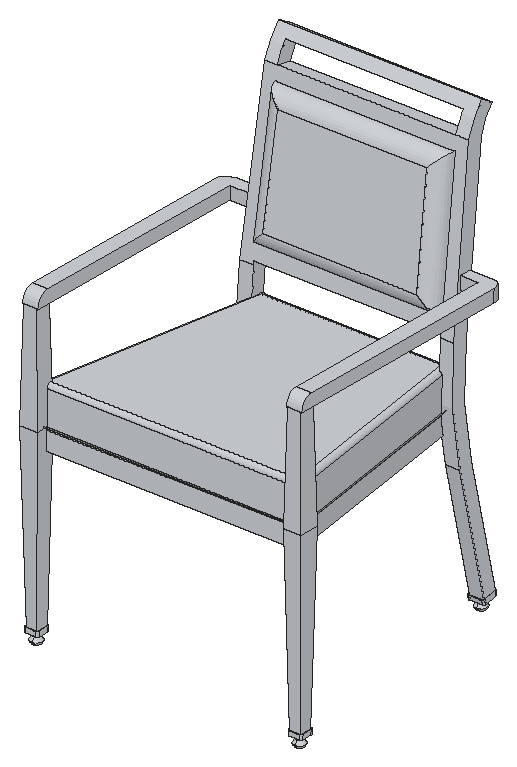
Revit family "Falcon-Metal-Tufgrain_9202-1", category Furniture, Revit 2017
Family settings
  OmniClass Number = 23.40.20.00
  Work Plane-Based = No
  Always vertical = Yes
  Cut with Voids When Loaded = No
  Shared = No
  Room Calculation Point = No
Parameters (values of type "9202-1")
  Width = 23.01254"
  URL = "URL"
  Seat Material [instance] = none
  Product Documentation Link = "URL"
  Model = "9202-1 Arm Chair"
  Manufacturer = "Manuf"
  Inside Backrest Material [instance] = none
  Height = 37.15107"
  Frame Material [instance] = none
  Description = "Tufgrain Arm Chair"
  Depth = 23.48213"
  Copyright © = "Inc"
  Outside Backrest Material [instance] = none
  Assembly Code = "E2020200"
Reference planes
  plane 1 "Center (Front/Back)": y = 0
  plane 2: z = 0
  plane 3 "Center (Left/Right)": x = 0
  plane 4 "Left": x = -292.259
  plane 5 "Right": x = 292.259
  plane 6: through (0, 267.832, 837.489) normal (0, 0.1736, 0.9848)
  plane 7: through (0, -237.364, 403.699) normal (0, -0.0357, -0.9994)
  plane 8: through (0, 144.761, 650.64) normal (0, 0.1534, -0.9882)
  plane 9: y = 298.223
  plane 10: y = -298.223
  plane 11: through (0, 227.857, 646.17) normal (0, 0.0294, 0.9996)
  plane 12: through (-213.475, -1524, 883.411) normal (0.9996, 0, -0.0281)
  plane 13: through (0, 269.56, 869.531) normal (0, -0.9892, 0.1466)
  plane 14: z = 943.637
Forms (mm)
  Revolve 1, solid
    sketch origin (-274.958, -11.747, 0) x (0, 1, 0) y (0, 0, -1)
      loop
        line (-267.038, -21.044) -> (-262.973, -21.044) -> (-261.427, -12.44) -> (-254.896, -3.773) -> (-257.538, 0) -> (-267.038, 0) -> (-267.038, -21.044)
      axis (-267.038, 0) -> (-267.038, -21.044)
    angle from 0 to 360
  Extrusion 2, void
    sketch origin (0, 0, 0) x (1, 0, 0) y (0, 1, 0)
      loop
        line (-214.022, 233.144) -> (-214.022, 325.219) -> (-341.022, 325.219) -> (-341.022, -335.181) -> (-292.259, -335.181) -> (-292.259, 207.744)
        arc (-292.259, 207.744) -> (-284.82, 225.704) -> (-266.859, 233.144) r 25.4
        line (-266.859, 233.144) -> (-214.022, 233.144)
      loop
        line (-259.76, 207.007) -> (-259.76, -335.181) -> (-196.767, -335.181) -> (-196.767, 207.007) -> (-259.76, 207.007)
      loop
        line (214.022, 233.144) -> (266.859, 233.144)
        arc (266.859, 233.144) -> (284.82, 225.704) -> (292.259, 207.744) r 25.4
        line (292.259, 207.744) -> (292.259, -335.181) -> (341.022, -335.181) -> (341.022, 325.219) -> (214.022, 325.219) -> (214.022, 233.144)
      loop
        line (259.76, 207.007) -> (196.767, 207.007) -> (196.767, -335.181) -> (259.76, -335.181) -> (259.76, 207.007)
    from 602.332 to 680.072
  Extrusion 3, solid, material <- "Frame Material"
    sketch origin (0, 0, 0) x (0, 1, 0) y (0, 0, 1)
      loop
        line (241.295, 645.775) -> (-268.011, 660.759)
        spline (-268.011, 660.759) -> (-271.253, 660.621) -> (-274.454, 660.019) -> (-277.558, 658.964) -> (-280.513, 657.474) -> (-283.268, 655.574) -> (-285.775, 653.296) -> (-287.991, 650.68) -> (-289.88, 647.771) -> (-291.408, 644.617) -> (-292.55, 641.274) -> (-293.285, 637.798) -> (-293.602, 634.249)
        line (-293.602, 634.249) -> (240.494, 618.535) -> (241.295, 645.775)
    from -325.585 to -214.022
  Extrusion 4, solid, material <- "Frame Material"
    sketch origin (0, 0, 0) x (0, 1, 0) y (0, 0, -1)
      loop
        line (241.295, -645.775) -> (240.494, -618.535) -> (-293.602, -634.249)
        spline (-293.602, -634.249) -> (-293.285, -637.798) -> (-292.55, -641.274) -> (-291.408, -644.617) -> (-289.88, -647.771) -> (-287.991, -650.68) -> (-285.775, -653.296) -> (-283.268, -655.574) -> (-280.513, -657.474) -> (-277.558, -658.964) -> (-274.454, -660.019) -> (-271.253, -660.621) -> (-268.011, -660.759)
        line (-268.011, -660.759) -> (241.295, -645.775)
    from -325.585 to -214.022
  Extrusion 5, solid, material <- "Frame Material"
    sketch origin (0, 0, 0) x (0, 1, 0) y (0, 0, 1)
      loop
        line (-258.223, 406.446) -> (-262.71, 633.34) -> (-293.718, 634.252) -> (-298.223, 406.446) -> (-290.723, 21.446) -> (-265.723, 21.446) -> (-258.223, 406.446)
    from -304.8 to 304.8
  Extrusion 6, void
    sketch origin (0, 0, 0) x (1, 0, 0) y (0, 0, 1)
      loop
        line (-293.717, 406.446) -> (-285.799, 0) -> (-264.834, 0) -> (-256.917, 406.446) -> (-261.776, 652.186) -> (-288.857, 652.186) -> (-293.717, 406.446)
      loop
        line (293.717, 406.446) -> (288.857, 652.186) -> (261.776, 652.186) -> (256.917, 406.446) -> (264.834, 0) -> (285.799, 0) -> (293.717, 406.446)
      loop
        line (-342.99, 698.893) -> (-342.99, -37.707) -> (342.81, -37.707) -> (342.81, 698.893) -> (-342.99, 698.893)
    from 245.836 to 304.8
  Extrusion 7, solid, material <- "Frame Material"
    sketch origin (0, 0, 0) x (0, 1, 0) y (0, 0, 1)
      loop
        arc (270.543, 876.164) -> (283.498, 903.468) -> (301.143, 928.004) r 167.669
        line (301.143, 928.004) -> (275.124, 943.637)
        arc (275.124, 943.637) -> (255.582, 915.049) -> (241.33, 883.49) r 197.641
        line (241.33, 883.49) -> (188.662, 528.163)
        arc (188.662, 528.163) -> (181.435, 408.972) -> (194.855, 290.319) r 690.372
        line (194.855, 290.319) -> (247.967, 27.242) -> (277.347, 33.168) -> (224.234, 296.25)
        arc (224.234, 296.25) -> (211.397, 409.752) -> (218.311, 523.768) r 660.4
        line (218.311, 523.768) -> (270.543, 876.164)
    from -330.2 to 330.2
  Extrusion 8, void
    sketch origin (0, 0, 0) x (1, 0, 0) y (0, 0, 1)
      loop
        line (-210.522, 988.348) -> (-237.87, 16.647) -> (-209.45, 16.647) -> (-194.82, 536.456) -> (194.82, 536.456) -> (209.45, 16.647) -> (237.87, 16.647) -> (210.522, 988.348) -> (182.113, 988.348) -> (182.748, 965.776) -> (-182.748, 965.776) -> (-182.113, 988.348) -> (-210.522, 988.348)
      loop
        line (-381.804, 1010.695) -> (-381.804, -56.105) -> (380.196, -56.105) -> (380.196, 1010.695) -> (-381.804, 1010.695)
    from -323.555 to -156.059
  Extrusion 9, solid, material <- "Frame Material"
    sketch origin (0, -237.364, 403.699) x (0, -0.999363, 0.035681) y (-1, 0, 0)
      loop
        line (-445.639, 196.767) -> (-445.639, -196.767) -> (38.399, -272.886) -> (38.399, 272.886) -> (-445.639, 196.767)
      loop
        line (18.399, 249.495) -> (-210.26, 213.537) -> (-210.26, -213.537) -> (18.399, -249.495) -> (18.399, 249.495)
      loop
        line (-231.193, 210.245) -> (-425.639, 179.666) -> (-425.639, -179.666) -> (-231.193, -210.245) -> (-231.193, 210.245)
    from 2.701 to 42.701
  Extrusion 10, solid, material <- "Seat Material"
    sketch origin (0, -237.364, 403.699) x (0, -0.999363, 0.035681) y (-1, 0, 0)
      loop
        line (28.478, -261.499) -> (28.478, 261.499) -> (-436.711, 188.491) -> (-436.711, -188.491) -> (28.478, -261.499)
    from 2.701 to -82.25
  Sweep 11, solid, material <- "Seat Material"
    path in 3D
      loop
        line (261.499, -262.89, 486.913) -> (188.491, 202.004, 470.314) -> (-188.491, 202.004, 470.314) -> (-261.499, -262.89, 486.913) -> (261.499, -262.89, 486.913)
    profile origin (0, -262.89, 486.913) x (0, 0.999363, -0.035681) y (0, 0.035681, 0.999363)
      loop
        arc (0, 0) -> (-7.048, -2.919) -> (-9.968, -9.968) r 9.968
        line (-9.968, -9.968) -> (-9.968, -80)
        arc (-9.968, -80) -> (-8.508, -83.524) -> (-4.984, -84.984) r 4.984
        line (-4.984, -84.984) -> (0, -84.984) -> (0, 0)
  Extrusion 12, solid, material <- "Inside Backrest Material"
    sketch origin (0, 269.56, 869.531) x (0, 0.14662, 0.989193) y (-1, 0, 0)
      loop
        line (-274.502, -161.061) -> (-51.759, -155.491) -> (-51.759, 155.491) -> (-274.502, 161.061) -> (-274.502, -161.061)
    from 29.972 to 60.46
  Sweep 13, solid, material <- "Inside Backrest Material"
    path in 3D
      loop
        line (-155.491, 202.165, 827.196) -> (-161.061, 169.506, 606.861) -> (161.061, 169.506, 606.861) -> (155.491, 202.165, 827.196) -> (-155.491, 202.165, 827.196)
    profile origin (0, 202.165, 827.196) x (0, -0.14662, -0.989193) y (0, -0.989193, 0.14662)
      loop
        arc (0, 0) -> (-22.148, -8.835) -> (-32.133, -30.488) r 32.178
        line (-32.133, -30.488) -> (0, -30.488) -> (0, 0)
  Extrusion 14, solid
    sketch origin (0, -265.723, 21.446) x (-1, 0, 0) y (0, 1, 0)
      loop
        line (289.817, -23.444) -> (289.817, -1.537)
        arc (289.817, -1.537) -> (288.781, 0.964) -> (286.279, 2) r 3.537
        line (286.279, 2) -> (264.373, 2)
        arc (264.373, 2) -> (261.858, 0.958) -> (260.817, -1.556) r 3.556
        line (260.817, -1.556) -> (260.817, -23.444)
        arc (260.817, -23.444) -> (261.858, -25.958) -> (264.373, -27) r 3.556
        line (264.373, -27) -> (286.261, -27)
        arc (286.261, -27) -> (288.775, -25.958) -> (289.817, -23.444) r 3.556
      loop
        arc (-289.817, -23.444) -> (-288.775, -25.958) -> (-286.261, -27) r 3.556
        line (-286.261, -27) -> (-264.373, -27)
        arc (-264.373, -27) -> (-261.858, -25.958) -> (-260.817, -23.444) r 3.556
        line (-260.817, -23.444) -> (-260.817, -1.556)
        arc (-260.817, -1.556) -> (-261.858, 0.958) -> (-264.373, 2) r 3.556
        line (-264.373, 2) -> (-286.279, 2)
        arc (-286.279, 2) -> (-288.781, 0.964) -> (-289.817, -1.537) r 3.537
        line (-289.817, -1.537) -> (-289.817, -23.444)
    from 1.999 to -8.005
  Extrusion 15, solid
    sketch origin (0, 275.798, 32.856) x (0, -0.980254, -0.197744) y (-1, 0, 0)
      loop
        arc (-0.045, 239.658) -> (-2.554, 238.603) -> (-3.582, 236.083) r 3.556
        line (-3.582, 236.083) -> (-3.431, 208.942)
        arc (-3.431, 208.942) -> (-2.375, 206.434) -> (0.145, 205.406) r 3.556
        line (0.145, 205.406) -> (27.033, 205.556)
        arc (27.033, 205.556) -> (29.541, 206.611) -> (30.569, 209.131) r 3.556
        line (30.569, 209.131) -> (30.418, 236.272)
        arc (30.418, 236.272) -> (29.362, 238.78) -> (26.842, 239.808) r 3.556
        line (26.842, 239.808) -> (-0.045, 239.658)
      loop
        line (-0.045, -239.658) -> (26.842, -239.808)
        arc (26.842, -239.808) -> (29.362, -238.78) -> (30.418, -236.272) r 3.556
        line (30.418, -236.272) -> (30.569, -209.131)
        arc (30.569, -209.131) -> (29.541, -206.611) -> (27.033, -205.556) r 3.556
        line (27.033, -205.556) -> (0.145, -205.406)
        arc (0.145, -205.406) -> (-2.375, -206.434) -> (-3.431, -208.942) r 3.556
        line (-3.431, -208.942) -> (-3.582, -236.083)
        arc (-3.582, -236.083) -> (-2.554, -238.603) -> (-0.045, -239.658) r 3.556
    from 0 to 9.631
  Revolve 16, solid
    sketch origin (220.983, -3.731, 0) x (0, -1, 0) y (0, 0, -1)
      loop
        line (-267.038, -21.044) -> (-262.973, -21.044) -> (-261.427, -12.44) -> (-254.896, -3.773) -> (-257.538, 0) -> (-267.038, 0) -> (-267.038, -21.044)
      axis (-267.038, 0) -> (-267.038, -21.044)
    angle from 0 to 360
  Revolve 17, solid
    sketch origin (274.958, -11.747, 0) x (0, 1, 0) y (0, 0, 1)
      loop
        line (-267.038, 21.044) -> (-267.038, 0) -> (-257.538, 0) -> (-254.896, 3.773) -> (-261.427, 12.44) -> (-262.973, 21.044) -> (-267.038, 21.044)
      axis (-267.038, 0) -> (-267.038, 21.044)
    angle from 0 to 360
  Revolve 18, solid
    sketch origin (-220.983, -3.731, 0) x (0, -1, 0) y (0, 0, 1)
      loop
        line (-267.038, 21.044) -> (-267.038, 0) -> (-257.538, 0) -> (-254.896, 3.773) -> (-261.427, 12.44) -> (-262.973, 21.044) -> (-267.038, 21.044)
      axis (-267.038, 0) -> (-267.038, 21.044)
    angle from 0 to 360
  Revolve 19, solid
    sketch origin (220.983, -3.731, 0) x (0, -1, 0) y (0, 0, -1)
      loop
        line (-267.038, -21.044) -> (-262.973, -21.044) -> (-261.427, -12.44) -> (-254.896, -3.773) -> (-257.538, 0) -> (-267.038, 0) -> (-267.038, -21.044)
      axis (-267.038, 0) -> (-267.038, -21.044)
    angle from 0 to 360
  Revolve 20, solid
    sketch origin (274.958, -11.747, 0) x (0, 1, 0) y (0, 0, 1)
      loop
        line (-267.038, 21.044) -> (-267.038, 0) -> (-257.538, 0) -> (-254.896, 3.773) -> (-261.427, 12.44) -> (-262.973, 21.044) -> (-267.038, 21.044)
      axis (-267.038, 0) -> (-267.038, 21.044)
    angle from 0 to 360
  Extrusion 21, void
    sketch origin (0, 0, 0) x (0, 1, 0) y (0, 0, 1)
      loop
        line (235.076, 937.702) -> (235.076, 884.592) -> (293.357, 874.316) -> (293.357, 904.053) -> (235.076, 937.702)
    from -186.182 to 186.182
Cuts and joins
  Extrusion 2 cuts Extrusion 3
  Extrusion 2 cuts Extrusion 4
  Extrusion 6 cuts Extrusion 5
  Extrusion 8, Extrusion 21 cuts Extrusion 7
  joined: Extrusion 5, Extrusion 7, Extrusion 9
  joined: Extrusion 10, Sweep 11
  joined: Extrusion 12, Sweep 13
Lines and regions (mm)
  Masking region 1
    outline origin (0, 0, 0) x (1, 0, 0) y (0, 1, 0)
      loop
        line (-292.259, 207.744) -> (-292.259, -298.223) -> (-256.917, -298.223) -> (-256.917, -277.262) -> (256.917, -277.262) -> (256.917, -298.223) -> (292.259, -298.223) -> (292.259, 207.744)
        arc (292.259, 207.744) -> (284.82, 225.704) -> (266.859, 233.144) r 25.4
        line (266.859, 233.144) -> (235.506, 233.144) -> (237.318, 246.141)
        spline (237.318, 246.141) -> (237.671, 246.27) -> (238.008, 246.435) -> (238.325, 246.635) -> (238.619, 246.865) -> (238.886, 247.125) -> (239.124, 247.412) -> (239.33, 247.721) -> (239.501, 248.05) -> (239.636, 248.395) -> (239.732, 248.752) -> (239.79, 249.117) -> (239.808, 249.486)
        line (239.808, 249.486) -> (239.646, 278.019)
        spline (239.646, 278.019) -> (239.582, 278.447) -> (239.464, 278.865) -> (239.294, 279.265) -> (239.075, 279.641) -> (238.809, 279.988) -> (238.502, 280.3) -> (238.158, 280.572) -> (237.782, 280.8) -> (237.38, 280.981) -> (236.959, 281.111) -> (236.524, 281.189) -> (236.083, 281.214)
        line (236.083, 281.214) -> (210.439, 281.074)
        spline (210.439, 281.074) -> (210.137, 282.51) -> (209.839, 283.991) -> (209.543, 285.516) -> (209.251, 287.085) -> (208.962, 288.697) -> (208.676, 290.351) -> (208.394, 292.048) -> (208.115, 293.786) -> (207.84, 295.565) -> (207.568, 297.384) -> (207.301, 299.244) -> (207.037, 301.143)
        line (207.037, 301.143) -> (178.502, 301.143) -> (178.264, 297.809) -> (-178.264, 297.809) -> (-178.502, 301.143) -> (-207.037, 301.143)
        spline (-207.037, 301.143) -> (-207.301, 299.244) -> (-207.568, 297.384) -> (-207.84, 295.565) -> (-208.115, 293.786) -> (-208.394, 292.048) -> (-208.676, 290.351) -> (-208.962, 288.697) -> (-209.251, 287.085) -> (-209.543, 285.516) -> (-209.839, 283.991) -> (-210.137, 282.51) -> (-210.439, 281.074)
        line (-210.439, 281.074) -> (-236.083, 281.214)
        spline (-236.083, 281.214) -> (-236.524, 281.189) -> (-236.959, 281.111) -> (-237.38, 280.981) -> (-237.782, 280.8) -> (-238.158, 280.572) -> (-238.502, 280.3) -> (-238.809, 279.988) -> (-239.075, 279.641) -> (-239.294, 279.265) -> (-239.464, 278.865) -> (-239.582, 278.447) -> (-239.646, 278.019)
        line (-239.646, 278.019) -> (-239.808, 249.486)
        spline (-239.808, 249.486) -> (-239.79, 249.117) -> (-239.732, 248.752) -> (-239.636, 248.395) -> (-239.501, 248.05) -> (-239.33, 247.721) -> (-239.124, 247.412) -> (-238.886, 247.125) -> (-238.619, 246.865) -> (-238.325, 246.635) -> (-238.008, 246.435) -> (-237.671, 246.27) -> (-237.318, 246.141)
        line (-237.318, 246.141) -> (-235.506, 233.144) -> (-266.859, 233.144)
        arc (-266.859, 233.144) -> (-284.82, 225.704) -> (-292.259, 207.744) r 25.4
      loop
        line (-259.76, 207.007) -> (-259.76, -192.417) -> (-200.967, 181.201) -> (-226.323, 181.201)
        spline (-226.323, 181.201) -> (-226.767, 181.382) -> (-227.21, 181.923) -> (-227.654, 182.824) -> (-228.097, 184.085) -> (-228.538, 185.705) -> (-228.979, 187.683) -> (-229.418, 190.019) -> (-229.856, 192.711) -> (-230.291, 195.757) -> (-230.725, 199.157) -> (-231.157, 202.907) -> (-231.585, 207.007)
        line (-231.585, 207.007) -> (-259.76, 207.007)
      loop
        line (259.76, 207.007) -> (231.585, 207.007)
        spline (231.585, 207.007) -> (231.157, 202.907) -> (230.725, 199.157) -> (230.291, 195.757) -> (229.856, 192.711) -> (229.418, 190.019) -> (228.979, 187.683) -> (228.538, 185.705) -> (228.097, 184.085) -> (227.654, 182.824) -> (227.21, 181.923) -> (226.767, 181.382) -> (226.323, 181.201)
        line (226.323, 181.201) -> (200.967, 181.201) -> (259.76, -192.417) -> (259.76, 207.007)
  sketch lines
    curve 1: line (-261.499, -262.89, 486.913) -> (261.499, -262.89, 486.913)
    curve 2: line (261.499, -262.89, 486.913) -> (188.491, 202.004, 470.314)
    curve 3: line (188.491, 202.004, 470.314) -> (-188.491, 202.004, 470.314)
    curve 4: line (-188.491, 202.004, 470.314) -> (-261.499, -262.89, 486.913)
    curve 5: line (155.491, 202.165, 827.196) -> (-155.491, 202.165, 827.196)
    curve 6: line (-155.491, 202.165, 827.196) -> (-161.061, 169.506, 606.861)
    curve 7: line (-161.061, 169.506, 606.861) -> (161.061, 169.506, 606.861)
    curve 8: line (161.061, 169.506, 606.861) -> (155.491, 202.165, 827.196)
  symbolic lines, detail levels medium+fine
    curve 9: line (-230.168, 194.855, 0) -> (-237.572, 247.967, 0)
    curve 10: line (-214.527, 235.776, 0) -> (-223.474, 188.662, 0)
    curve 11: line (-186.874, 238.712, 0) -> (-194.054, 196.618, 0)
    curve 12: line (-194.054, 196.618, 0) -> (-161.061, 169.506, 0)
    curve 13: line (-186.874, 238.712, 0) -> (-184.75, 238.712, 0)
    curve 14: spline (-214.277, 267.393, 0) -> (-213.617, 269.186, 0) -> (-212.965, 271.174, 0) -> (-212.321, 273.355, 0) -> (-211.687, 275.726, 0) -> (-211.062, 278.284, 0) -> (-210.449, 281.026, 0) -> (-209.847, 283.949, 0) -> (-209.257, 287.049, 0) -> (-208.681, 290.323, 0) -> (-208.118, 293.766, 0) -> (-207.57, 297.374, 0) -> (-207.037, 301.143, 0)
    curve 15: line (-223.597, 218.311, 0) -> (-214.277, 267.393, 0)
    curve 16: spline (-205.189, 275.124, 0) -> (-205.878, 270.522, 0) -> (-206.586, 266.142, 0) -> (-207.314, 261.991, 0) -> (-208.059, 258.075, 0) -> (-208.821, 254.398, 0) -> (-209.598, 250.967, 0) -> (-210.39, 247.787, 0) -> (-211.195, 244.86, 0) -> (-212.013, 242.192, 0) -> (-212.841, 239.787, 0) -> (-213.68, 237.647, 0) -> (-214.527, 235.776, 0)
    curve 17: line (-207.037, 301.143, 0) -> (-205.189, 275.124, 0)
    curve 18: line (-205.189, 275.124, 0) -> (-176.644, 275.124, 0)
    curve 19: line (-176.644, 275.124, 0) -> (-178.264, 297.809, 0)
    curve 20: line (-176.747, 276.572, 0) -> (176.747, 276.572, 0)
    curve 21: line (178.708, 262.389, 0) -> (-178.708, 262.389, 0)
    curve 22: line (183.303, 242.828, 0) -> (-183.303, 242.828, 0)
    curve 23: spline (-184.75, 238.712, 0) -> (-184.017, 240.687, 0) -> (-183.291, 242.864, 0) -> (-182.575, 245.24, 0) -> (-181.868, 247.814, 0) -> (-181.171, 250.581, 0) -> (-180.485, 253.541, 0) -> (-179.812, 256.688, 0) -> (-179.15, 260.02, 0) -> (-178.502, 263.534, 0) -> (-177.868, 267.225, 0) -> (-177.248, 271.09, 0) -> (-176.644, 275.124, 0)
    curve 24: line (-292.259, -293.718, 0) -> (-259.76, -293.718, 0)
    curve 25: line (-259.76, -192.417, 0) -> (-259.76, -293.718, 0)
    curve 26: line (-256.917, -275.835, 0) -> (-256.917, -298.223, 0)
    curve 27: line (-293.717, -298.223, 0) -> (-256.917, -298.223, 0)
    curve 28: line (-259.76, -275.835, 0) -> (256.996, -275.835, 0)
    curve 29: line (230.168, 194.855, 0) -> (237.572, 247.967, 0)
    curve 30: line (214.527, 235.776, 0) -> (223.474, 188.662, 0)
    curve 31: line (186.874, 238.712, 0) -> (194.054, 196.618, 0)
    curve 32: line (194.054, 196.618, 0) -> (161.061, 169.506, 0)
    curve 33: line (186.874, 238.712, 0) -> (184.75, 238.712, 0)
    curve 34: spline (214.277, 267.393, 0) -> (213.617, 269.186, 0) -> (212.965, 271.174, 0) -> (212.321, 273.355, 0) -> (211.687, 275.726, 0) -> (211.062, 278.284, 0) -> (210.449, 281.026, 0) -> (209.847, 283.949, 0) -> (209.257, 287.049, 0) -> (208.681, 290.323, 0) -> (208.118, 293.766, 0) -> (207.57, 297.374, 0) -> (207.037, 301.143, 0)
    curve 35: line (223.597, 218.311, 0) -> (214.277, 267.393, 0)
    curve 36: spline (205.189, 275.124, 0) -> (205.878, 270.522, 0) -> (206.586, 266.142, 0) -> (207.314, 261.991, 0) -> (208.059, 258.075, 0) -> (208.821, 254.398, 0) -> (209.598, 250.967, 0) -> (210.39, 247.787, 0) -> (211.195, 244.86, 0) -> (212.013, 242.192, 0) -> (212.841, 239.787, 0) -> (213.68, 237.647, 0) -> (214.527, 235.776, 0)
    curve 37: line (207.037, 301.143, 0) -> (205.189, 275.124, 0)
    curve 38: line (205.189, 275.124, 0) -> (176.644, 275.124, 0)
    curve 39: line (176.644, 275.124, 0) -> (178.264, 297.809, 0)
    curve 40: spline (184.75, 238.712, 0) -> (184.017, 240.687, 0) -> (183.291, 242.864, 0) -> (182.575, 245.24, 0) -> (181.868, 247.814, 0) -> (181.171, 250.581, 0) -> (180.485, 253.541, 0) -> (179.812, 256.688, 0) -> (179.15, 260.02, 0) -> (178.502, 263.534, 0) -> (177.868, 267.225, 0) -> (177.248, 271.09, 0) -> (176.644, 275.124, 0)
    curve 41: line (-161.061, 169.506, 0) -> (161.061, 169.506, 0)
    curve 42: line (259.76, -192.417, 0) -> (259.76, -293.718, 0)
    curve 43: line (259.76, -293.718, 0) -> (292.259, -293.718, 0)
Dimensions and locks
  equal spacing: plane 4 "Left", plane 3 "Center (Left/Right)", plane 5 "Right"
  "Width": plane 4 "Left" to plane 5 "Right"
  equal spacing: plane 9, plane 1 "Center (Front/Back)", plane 10
  "Depth": plane 9 to plane 10
  "Height": plane 14 to plane 2
  aligned and locked: level to plane 2
  aligned and locked: plane 3 "Center (Left/Right)" to nested 1
  aligned and locked: plane 1 "Center (Front/Back)" to nested 1
Automatic sketch dimensions
  Revolve 1 sketch curve to level = 0.00"
  plane 10 to Revolve 1 sketch curve = 0.76528"
  Revolve 1 sketch curve to Revolve 1 sketch curve = 0.16001"
  level to Revolve 1 sketch curve = 0.48976"
  Revolve 1 sketch curve to Revolve 1 sketch curve = 0.06089"
  Revolve 1 sketch curve to Revolve 1 sketch curve = 0.37402"
  level to Revolve 1 sketch curve = 0.14854"
  Revolve 1 sketch curve to Revolve 1 sketch curve = 0.10401"
  Revolve 1 sketch curve to Revolve 1 sketch curve = 0.33872"
  Revolve 1 sketch curve to Revolve 1 sketch curve = 0.00"
  Revolve 1 sketch curve to Revolve 1 sketch curve = 0.10216"
  Revolve 1 sketch curve to Revolve 1 sketch curve = 0.45093"
  Extrusion 2 sketch curve to plane 4 "Left" = 0.00"
  Extrusion 2 sketch curve to plane 5 "Right" = 0.00"
  Extrusion 2 sketch curve to plane 4 "Left" = 1.9198"
  plane 4 "Left" to Extrusion 2 sketch curve = 1.00"
  Extrusion 2 sketch curve to Extrusion 2 sketch curve = 0.27952"  (x2)
  plane 9 to Extrusion 2 sketch curve = 1.06283"  (x2)
  plane 4 "Left" to Extrusion 2 sketch curve = 3.0802"
  Extrusion 2 sketch curve to Extrusion 2 sketch curve = 2.48003"
  Extrusion 2 sketch curve to plane 10 = 1.45504"  (x3)
  plane 5 "Right" to Extrusion 2 sketch curve = 3.75955"
  plane 5 "Right" to Extrusion 2 sketch curve = 3.0802"
  plane 5 "Right" to Extrusion 2 sketch curve = 1.27952"
  Extrusion 2 sketch curve to plane 5 "Right" = 1.9198"
  Extrusion 2 sketch curve to Extrusion 2 sketch curve = 0.00"
  Extrusion 2 sketch curve to plane 9 = 3.59116"  (x2)
  Extrusion 2 sketch curve to Extrusion 2 sketch curve = 0.02899"  (x2)
  Extrusion 3 sketch curve to plane 11 = 0.00"  (x2)
  plane 10 to Extrusion 3 sketch curve = 0.18193"
  Extrusion 3 sketch curve to plane 9 = 2.2728"
  level to Extrusion 3 sketch curve = 25.4242"
  Extrusion 3 sketch curve to Extrusion 3 sketch curve = 0.97598"
  Extrusion 3 sketch curve to Extrusion 3 sketch curve = 0.00"
  Extrusion 4 sketch curve to plane 11 = 0.00"  (x2)
  plane 10 to Extrusion 4 sketch curve = 0.18193"
  Extrusion 4 sketch curve to plane 9 = 2.2728"
  level to Extrusion 4 sketch curve = 25.4242"
  Extrusion 4 sketch curve to Extrusion 4 sketch curve = 0.97598"
  Extrusion 4 sketch curve to Extrusion 4 sketch curve = 0.00"
  Extrusion 5 sketch curve to plane 10 = 0.00"
  plane 10 to Extrusion 5 sketch curve = 0.17736"
  plane 10 to Extrusion 5 sketch curve = 0.29528"
  Extrusion 5 sketch curve to Extrusion 5 sketch curve = 0.98425"
  Extrusion 5 sketch curve to Extrusion 5 sketch curve = 1.22079"
  plane 10 to Extrusion 5 sketch curve = 1.5748"
  level to Extrusion 5 sketch curve = 0.84434"
  Extrusion 5 sketch curve to Extrusion 5 sketch curve = 15.15748"
  Extrusion 5 sketch curve to Extrusion 5 sketch curve = 0.00"
  Extrusion 5 sketch curve to Extrusion 5 sketch curve = 8.93281"
  Extrusion 5 sketch curve to Extrusion 5 sketch curve = 0.03592"
  Extrusion 6 sketch curve to level = 0.00"  (x2)
  plane 4 "Left" to Extrusion 6 sketch curve = 0.25435"
  plane 4 "Left" to Extrusion 6 sketch curve = 1.07972"
  plane 4 "Left" to Extrusion 6 sketch curve = 21.93283"
  plane 4 "Left" to Extrusion 6 sketch curve = 22.7582"
  Extrusion 6 sketch curve to plane 3 "Center (Left/Right)" = 11.37233"
  Extrusion 6 sketch curve to Extrusion 6 sketch curve = 0.19132"  (x2)
  Extrusion 6 sketch curve to Extrusion 6 sketch curve = 2.13122"
  Extrusion 6 sketch curve to Extrusion 6 sketch curve = 1.06617"  (x2)
  Extrusion 6 sketch curve to Extrusion 6 sketch curve = 1.44882"  (x2)
  plane 3 "Center (Left/Right)" to Extrusion 6 sketch curve = 10.11483"
  Extrusion 6 sketch curve to Extrusion 6 sketch curve = 2.12413"
  Extrusion 6 sketch curve to level = 1.48454"
  level to Extrusion 6 sketch curve = 16.00182"  (x2)
  Extrusion 6 sketch curve to Extrusion 6 sketch curve = 0.00"  (x2)
  Extrusion 6 sketch curve to Extrusion 6 sketch curve = 9.67478"  (x2)
  Extrusion 6 sketch curve to Extrusion 6 sketch curve = 1.83886"
  Extrusion 7 sketch curve to Extrusion 7 sketch curve = 0.00"  (x4)
  Extrusion 7 sketch curve to plane 14 = 0.00"
  Extrusion 7 sketch curve to plane 9 = 4.31341"
  Extrusion 7 sketch curve to plane 9 = 4.06962"
  Extrusion 7 sketch curve to Extrusion 7 sketch curve = 1.16725"
  Extrusion 7 sketch curve to Extrusion 7 sketch curve = 1.15666"
  Extrusion 7 sketch curve to plane 9 = 2.23989"
  Extrusion 7 sketch curve to plane 9 = 1.9786"
  Extrusion 7 sketch curve to plane 9 = 1.08975"
  Extrusion 7 sketch curve to plane 9 = 0.90941"
  Extrusion 7 sketch curve to plane 9 = 0.8219"
  plane 9 to Extrusion 7 sketch curve = 0.11496"
  plane 9 to Extrusion 7 sketch curve = 5.10494"
  plane 9 to Extrusion 7 sketch curve = 22.57285"
  Extrusion 7 sketch curve to plane 14 = 0.6155"
  Extrusion 7 sketch curve to plane 14 = 2.36802"
  Extrusion 7 sketch curve to Extrusion 7 sketch curve = 13.70082"
  Extrusion 7 sketch curve to Extrusion 7 sketch curve = 0.17301"
  level to Extrusion 7 sketch curve = 1.07251"
  plane 5 "Right" to Extrusion 9 sketch curve = 3.75955"
  plane 5 "Right" to Extrusion 9 sketch curve = 4.4328"
  Extrusion 9 sketch curve to Extrusion 9 sketch curve = 0.7874"  (x2)
  plane 4 "Left" to Extrusion 9 sketch curve = 3.22893"
  Extrusion 9 sketch curve to Extrusion 9 sketch curve = 7.65537"
  plane 5 "Right" to Extrusion 9 sketch curve = 3.09932"
  Extrusion 9 sketch curve to Extrusion 9 sketch curve = 0.82413"
  plane 4 "Left" to Extrusion 9 sketch curve = 1.68363"
  Extrusion 9 sketch curve to Extrusion 9 sketch curve = 9.0023"
  plane 5 "Right" to Extrusion 9 sketch curve = 0.76273"
  Extrusion 9 sketch curve to Extrusion 9 sketch curve = 0.9209"
  Extrusion 9 sketch curve to Extrusion 9 sketch curve = 0.1296"  (x2)
  plane 4 "Left" to Extrusion 9 sketch curve = 4.4328"
  Extrusion 9 sketch curve to Extrusion 9 sketch curve = 0.67325"
  plane 4 "Left" to Extrusion 9 sketch curve = 0.76273"
  plane 5 "Right" to Extrusion 10 sketch curve = 4.08536"
  plane 5 "Right" to Extrusion 10 sketch curve = 1.21103"
  Extrusion 10 sketch curve to Extrusion 10 sketch curve = 18.31454"
  plane 4 "Left" to Extrusion 10 sketch curve = 4.08536"
  plane 4 "Left" to Extrusion 10 sketch curve = 1.21103"
  Sweep 11 sketch curve to profile plane = 0.00"  (x2)
  profile plane to Sweep 11 sketch curve = 0.19621"
  Sweep 11 sketch curve to Sweep 11 sketch curve = 0.19621"
  Sweep 11 sketch curve to Sweep 11 sketch curve = 2.75718"
  Sweep 11 sketch curve to Sweep 11 sketch curve = 0.00"
  plane 4 "Left" to Extrusion 12 sketch curve = 5.16527"
  Extrusion 12 sketch curve to Extrusion 12 sketch curve = 8.76941"
  plane 4 "Left" to Extrusion 12 sketch curve = 5.38459"
  plane 5 "Right" to Extrusion 12 sketch curve = 5.38459"
  plane 5 "Right" to Extrusion 12 sketch curve = 5.16527"
  Extrusion 14 sketch curve to Extrusion 5 = 0.06126"  (x4)
  Extrusion 14 sketch curve to Extrusion 5 = 0.58989"
  Extrusion 14 sketch curve to Extrusion 5 = 0.07874"  (x2)
  Extrusion 14 sketch curve to Extrusion 14 sketch curve = 0.13926"  (x2)
  Extrusion 14 sketch curve to Extrusion 14 sketch curve = 0.14"  (x2)
  Extrusion 14 sketch curve to Extrusion 14 sketch curve = 0.86247"
  Extrusion 14 sketch curve to Extrusion 14 sketch curve = 0.86173"
  Extrusion 14 sketch curve to Extrusion 5 = 1.73163"
  Extrusion 5 to Extrusion 14 sketch curve = 0.07874"
  Extrusion 14 sketch curve to Extrusion 5 = 0.72989"
  Extrusion 7 to Extrusion 15 sketch curve = 0.07881"  (x2)
  Extrusion 7 to Extrusion 15 sketch curve = 0.07287"  (x2)
  Extrusion 15 sketch curve to Extrusion 7 = 0.06041"  (x2)
  Extrusion 15 sketch curve to Extrusion 7 = 0.06119"  (x2)
  Extrusion 15 sketch curve to Extrusion 7 = 0.06713"  (x2)
  Extrusion 15 sketch curve to Extrusion 7 = 0.06791"  (x2)
  Extrusion 7 to Extrusion 15 sketch curve = 0.06102"  (x2)
  Extrusion 7 to Extrusion 15 sketch curve = 0.06024"  (x2)
  Extrusion 7 to Extrusion 15 sketch curve = 0.0543"  (x2)
  Extrusion 7 to Extrusion 15 sketch curve = 0.05352"  (x2)
  Extrusion 15 sketch curve to Extrusion 7 = 0.07975"  (x2)
  Extrusion 15 sketch curve to Extrusion 7 = 0.0857"  (x2)
  Extrusion 7 to Extrusion 15 sketch curve = 3.55875"
  Extrusion 15 sketch curve to Extrusion 15 sketch curve = 0.00589"  (x4)
  Extrusion 15 sketch curve to Extrusion 15 sketch curve = 0.13922"  (x2)
  Extrusion 15 sketch curve to Extrusion 15 sketch curve = 0.14"  (x2)
  Extrusion 15 sketch curve to Extrusion 15 sketch curve = 1.06851"  (x2)
  Extrusion 15 sketch curve to Extrusion 15 sketch curve = 0.00078"  (x4)
  Extrusion 7 to Extrusion 15 sketch curve = 4.91314"
  Revolve 16 sketch curve to level = 0.00"
  Revolve 16 sketch curve to plane 9 = 1.37465"
  Revolve 16 sketch curve to Revolve 16 sketch curve = 0.16001"
  level to Revolve 16 sketch curve = 0.48976"
  Revolve 16 sketch curve to Revolve 16 sketch curve = 0.06089"
  Revolve 16 sketch curve to Revolve 16 sketch curve = 0.37402"
  level to Revolve 16 sketch curve = 0.14854"
  Revolve 16 sketch curve to Revolve 16 sketch curve = 0.10401"
  Revolve 16 sketch curve to Revolve 16 sketch curve = 0.33872"
  Revolve 16 sketch curve to Revolve 16 sketch curve = 0.00"
  Revolve 16 sketch curve to Revolve 16 sketch curve = 0.10216"
  Revolve 16 sketch curve to Revolve 16 sketch curve = 0.45093"
  Revolve 17 sketch curve to level = 0.00"
  plane 10 to Revolve 17 sketch curve = 0.76528"
  Revolve 17 sketch curve to Revolve 17 sketch curve = 0.16001"
  level to Revolve 17 sketch curve = 0.48976"
  Revolve 17 sketch curve to Revolve 17 sketch curve = 0.06089"
  Revolve 17 sketch curve to Revolve 17 sketch curve = 0.37402"
  level to Revolve 17 sketch curve = 0.14854"
  Revolve 17 sketch curve to Revolve 17 sketch curve = 0.10401"
  Revolve 17 sketch curve to Revolve 17 sketch curve = 0.33872"
  Revolve 17 sketch curve to Revolve 17 sketch curve = 0.00"
  Revolve 17 sketch curve to Revolve 17 sketch curve = 0.10216"
  Revolve 17 sketch curve to Revolve 17 sketch curve = 0.45093"
  Revolve 18 sketch curve to level = 0.00"
  Revolve 18 sketch curve to plane 9 = 1.37465"
  Revolve 18 sketch curve to Revolve 18 sketch curve = 0.16001"
  level to Revolve 18 sketch curve = 0.48976"
  Revolve 18 sketch curve to Revolve 18 sketch curve = 0.06089"
  Revolve 18 sketch curve to Revolve 18 sketch curve = 0.37402"
  level to Revolve 18 sketch curve = 0.14854"
  Revolve 18 sketch curve to Revolve 18 sketch curve = 0.10401"
  Revolve 18 sketch curve to Revolve 18 sketch curve = 0.33872"
  Revolve 18 sketch curve to Revolve 18 sketch curve = 0.00"
  Revolve 18 sketch curve to Revolve 18 sketch curve = 0.10216"
  Revolve 18 sketch curve to Revolve 18 sketch curve = 0.45093"
  Masking region 1 sketch curve to plane 4 "Left" = 0.00"
  Masking region 1 sketch curve to plane 10 = 0.00"  (x2)
  Masking region 1 sketch curve to plane 5 "Right" = 0.00"
  plane 4 "Left" to Masking region 1 sketch curve = 1.00"
  Masking region 1 sketch curve to Masking region 1 sketch curve = 0.27952"  (x2)
  plane 4 "Left" to Masking region 1 sketch curve = 1.39144"
  Masking region 1 sketch curve to Masking region 1 sketch curve = 1.06502"
  Masking region 1 sketch curve to plane 9 = 0.79545"  (x2)
  Masking region 1 sketch curve to Masking region 1 sketch curve = 0.00637"
  Masking region 1 sketch curve to Masking region 1 sketch curve = 0.09804"  (x2)
  Masking region 1 sketch curve to plane 9 = 0.66967"  (x2)
  Masking region 1 sketch curve to Masking region 1 sketch curve = 0.14029"  (x2)
  Masking region 1 sketch curve to Masking region 1 sketch curve = 0.07134"  (x2)
  Masking region 1 sketch curve to Masking region 1 sketch curve = 0.15434"  (x2)
  Masking region 1 sketch curve to Masking region 1 sketch curve = 0.2072"  (x2)
  Masking region 1 sketch curve to plane 9 = 0.67517"  (x2)
  Masking region 1 sketch curve to Masking region 1 sketch curve = 1.0096"  (x2)
  plane 9 to Masking region 1 sketch curve = 0.11496"  (x2)
  Masking region 1 sketch curve to Masking region 1 sketch curve = 0.13393"  (x2)
  Masking region 1 sketch curve to Masking region 1 sketch curve = 0.99824"  (x2)
  Masking region 1 sketch curve to Masking region 1 sketch curve = 1.1234"  (x2)
  Masking region 1 sketch curve to plane 9 = 0.01631"
  Masking region 1 sketch curve to Masking region 1 sketch curve = 0.00938"  (x2)
  plane 5 "Right" to Masking region 1 sketch curve = 4.488"
  plane 5 "Right" to Masking region 1 sketch curve = 3.59418"
  plane 5 "Right" to Masking region 1 sketch curve = 1.39144"
  Masking region 1 sketch curve to Masking region 1 sketch curve = 1.10922"
  plane 10 to Masking region 1 sketch curve = 0.82524"
  Masking region 1 sketch curve to Masking region 1 sketch curve = 3.34034"  (x2)
  Masking region 1 sketch curve to Masking region 1 sketch curve = 3.93198"  (x2)
  Masking region 1 sketch curve to Masking region 1 sketch curve = 1.01599"  (x2)
  Masking region 1 sketch curve to Masking region 1 sketch curve = 0.02899"  (x2)
  Masking region 1 sketch curve to Masking region 1 sketch curve = 0.5117"  (x2)
  Masking region 1 sketch curve to Masking region 1 sketch curve = 0.13169"  (x2)
  Masking region 1 sketch curve to Masking region 1 sketch curve = 0.00049"  (x2)
  Masking region 1 sketch curve to Masking region 1 sketch curve = 0.04196"  (x2)
  Masking region 1 sketch curve to Masking region 1 sketch curve = 0.00078"  (x2)
  Masking region 1 sketch curve to Masking region 1 sketch curve = 0.14"
  Masking region 1 sketch curve to Masking region 1 sketch curve = 0.50077"
  plane 5 "Right" to Masking region 1 sketch curve = 2.84579"
  Masking region 1 sketch curve to Masking region 1 sketch curve = 0.18196"
  Masking region 1 sketch curve to Masking region 1 sketch curve = 0.42546"  (x2)
  Masking region 1 sketch curve to Masking region 1 sketch curve = 17.43098"  (x2)
  Revolve 19 sketch curve to level = 0.00"
  Revolve 19 sketch curve to plane 9 = 1.37465"
  Revolve 19 sketch curve to Revolve 19 sketch curve = 0.16001"
  level to Revolve 19 sketch curve = 0.48976"
  Revolve 19 sketch curve to Revolve 19 sketch curve = 0.06089"
  Revolve 19 sketch curve to Revolve 19 sketch curve = 0.37402"
  level to Revolve 19 sketch curve = 0.14854"
  Revolve 19 sketch curve to Revolve 19 sketch curve = 0.10401"
  Revolve 19 sketch curve to Revolve 19 sketch curve = 0.33872"
  Revolve 19 sketch curve to Revolve 19 sketch curve = 0.00"
  Revolve 19 sketch curve to Revolve 19 sketch curve = 0.10216"
  Revolve 19 sketch curve to Revolve 19 sketch curve = 0.45093"
  Revolve 20 sketch curve to level = 0.00"
  plane 10 to Revolve 20 sketch curve = 0.76528"
  Revolve 20 sketch curve to Revolve 20 sketch curve = 0.16001"
  level to Revolve 20 sketch curve = 0.48976"
  Revolve 20 sketch curve to Revolve 20 sketch curve = 0.06089"
  Revolve 20 sketch curve to Revolve 20 sketch curve = 0.37402"
  level to Revolve 20 sketch curve = 0.14854"
  Revolve 20 sketch curve to Revolve 20 sketch curve = 0.10401"
  Revolve 20 sketch curve to Revolve 20 sketch curve = 0.33872"
  Revolve 20 sketch curve to Revolve 20 sketch curve = 0.00"
  Revolve 20 sketch curve to Revolve 20 sketch curve = 0.10216"
  Revolve 20 sketch curve to Revolve 20 sketch curve = 0.45093"
  curve 27 to plane 10 = 0.00"
  curve 24 to plane 4 "Left" = 0.00"
  curve 43 to plane 5 "Right" = 0.00"
  plane 10 to curve 24 = 0.17736"
  curve 24 to curve 24 = 1.27952"
  curve 24 to curve 26 = 0.11192"
  plane 4 "Left" to curve 10 = 3.06031"
  curve 15 to plane 9 = 1.21379"
  curve 16 to curve 15 = 0.00985"
  plane 9 to curve 17 = 0.11496"
  curve 14 to curve 17 = 0.28506"
  curve 14 to curve 18 = 0.35782"
  curve 10 to curve 12 = 0.80605"
  curve 11 to plane 9 = 2.34294"
  curve 10 to curve 11 = 1.08873"
  curve 11 to curve 13 = 0.0836"
  curve 19 to plane 9 = 0.90941"
  curve 18 to curve 19 = 1.12383"
  curve 11 to curve 41 = 1.29891"
  plane 5 "Right" to curve 41 = 5.16527"
  curve 38 to plane 9 = 0.90941"
  curve 32 to curve 38 = 0.61347"
  curve 38 to curve 33 = 0.31916"
  curve 33 to curve 33 = 0.0836"
  curve 31 to curve 32 = 0.28268"
  curve 38 to curve 38 = 1.12383"
  plane 9 to curve 37 = 0.11496"
  curve 37 to curve 37 = 0.07275"
  curve 35 to plane 9 = 1.21379"
  curve 36 to curve 35 = 0.35782"
  curve 30 to plane 9 = 2.45853"
  curve 31 to curve 30 = 1.08873"
  curve 12 to curve 23 = 2.72466"
  curve 11 to curve 11 = 1.65726"
  curve 32 to curve 31 = 1.0674"
  curve 10 to curve 11 = 0.11559"
  curve 30 to curve 31 = 0.11559"
  curve 27 to plane 4 "Left" = 0.05738"
  curve 9 to curve 16 = 0.90727"
  curve 9 to curve 11 = 1.42181"
  curve 15 to curve 16 = 0.35708"
  curve 9 to curve 10 = 0.26355"
  plane 4 "Left" to curve 14 = 2.84579"
  curve 14 to curve 16 = 0.00007"
  curve 16 to curve 23 = 1.12044"
  curve 13 to curve 22 = 0.05699"
  curve 21 to curve 23 = 0.08128"
  curve 19 to plane 9 = 0.01631"
  curve 19 to curve 18 = 0.0638"
  curve 20 to curve 18 = 0.00407"
  curve 40 to curve 20 = 0.00407"
  curve 39 to plane 9 = 0.01631"
  curve 38 to curve 21 = 0.08128"
  curve 22 to curve 40 = 0.05699"
  curve 36 to curve 36 = 0.21444"
  curve 35 to curve 34 = 0.22436"
  curve 31 to curve 30 = 1.15826"
  curve 36 to curve 35 = 0.14264"
  curve 30 to curve 29 = 0.26355"
  curve 34 to curve 29 = 0.69275"
  plane 5 "Right" to curve 28 = 1.38831"
  plane 10 to curve 42 = 0.17736"
  curve 28 to curve 42 = 0.1088"
  curve 42 to curve 28 = 0.70407"
  curve 28 to curve 25 = 3.28415"
  curve 28 to curve 42 = 3.28415"
  curve 30 to curve 31 = 0.31321"
  curve 10 to curve 11 = 0.31321"
  curve 30 to curve 29 = 0.24379"
  curve 10 to curve 9 = 0.24379"
  curve 35 to curve 36 = 0.68763"
  curve 15 to curve 16 = 0.68763"
  curve 36 to curve 36 = 0.21553"
  curve 16 to curve 16 = 0.21553"
  curve 40 to curve 31 = 0.3311"
  curve 36 to curve 29 = 0.69546"
  curve 16 to curve 9 = 0.69546"
  curve 14 to curve 15 = 0.28029"
  curve 34 to curve 35 = 0.28029"
  Extrusion 8 sketch curve to plane 12 = 0.00"  (x2)
  plane 14 to Extrusion 8 sketch curve = 2.64008"
  Extrusion 8 sketch curve to plane 3 "Center (Left/Right)" = 15.03167"
  level to Extrusion 8 sketch curve = 0.65539"  (x2)
  plane 14 to Extrusion 8 sketch curve = 1.76026"  (x2)
  Extrusion 8 sketch curve to plane 3 "Center (Left/Right)" = 7.67008"
  plane 14 to Extrusion 8 sketch curve = 0.87161"
  Extrusion 8 sketch curve to Extrusion 8 sketch curve = 1.09346"
  Extrusion 8 sketch curve to Extrusion 8 sketch curve = 1.11845"  (x2)
  plane 3 "Center (Left/Right)" to Extrusion 8 sketch curve = 7.16981"
  Extrusion 8 sketch curve to Extrusion 8 sketch curve = 0.02499"
  plane 3 "Center (Left/Right)" to Extrusion 8 sketch curve = 7.67008"
  plane 4 "Left" to Extrusion 8 sketch curve = 20.87124"
  Extrusion 8 sketch curve to Extrusion 8 sketch curve = 6.68007"
  Extrusion 8 sketch curve to level = 2.20884"
  Extrusion 8 sketch curve to Extrusion 8 sketch curve = 16.90235"
  Extrusion 8 sketch curve to Extrusion 8 sketch curve = 1.1189"
  plane 4 "Left" to Extrusion 8 sketch curve = 19.75234"
  Sweep 13 sketch curve to profile plane = 0.00"  (x2)
  Sweep 13 sketch curve to profile plane = 1.26684"
  Sweep 13 sketch curve to profile plane = 1.20033"
  Extrusion 21 sketch curve to plane 9 = 0.19156"
  Extrusion 21 sketch curve to plane 14 = 2.7292"
  Extrusion 21 sketch curve to Extrusion 21 sketch curve = 1.17077"
  Extrusion 21 sketch curve to plane 9 = 2.48609"
  Extrusion 21 sketch curve to Extrusion 21 sketch curve = 0.40459"
  Extrusion 21 sketch curve to plane 14 = 0.23367"
Nested families
  nested 1: "Label 1-16" at (0, 0, 0), type "Center"
    with Offset (LR) 0.00"
Definition of nested family "Label 1-16"
  Parameters (values of type "Center")
    P_Width = 0.00"
    Text_Width = "Empty"
    Text_Height = "Empty"
    Text_Diameter = "Empty"
    Text_Depth = "Empty"
    Offset (LR) [instance] = 0.00"
    Model Name = "6961"
    P_Height = 0.00"
    Distance of Center (not Change) = 0.00"
    P_Diameter = 0.00"
    P_Depth = 0.00"
  Reference planes
    plane 1: y = 0
    plane 2: x = 0
  Lines and regions (mm)
    reference lines
      curve 1: line (-11.267, 0, 0) -> (10.436, 0, 0)
      curve 3: line (0, 8.271, 0) -> (0, -10.216, 0)
    reference lines, not visible
      curve 2: line (-11.267, 2.5, 0) -> (10.436, 2.5, 0)
      curve 4: line (0, 10.771, 0) -> (0, -7.716, 0)
  Text (mm)
    label "Empty" at (0.05, -0.201, 0), shows "Model Name"
    label "Empty" at (0.05, 2.299, 0), shows "Model Name", not visible
  Dimensions and locks
    "Distance of Center (not Change)": plane 1 to curve 1
    "Offset (LR)": curve 3 to plane 2
  Automatic sketch dimensions
    curve 1 to curve 3 = 0.44359"
    curve 3 to curve 1 = 0.41085"
    curve 3 to curve 1 = 0.40221"
    curve 1 to curve 3 = 0.32564"
    curve 2 to curve 4 = 0.44359"
    curve 4 to curve 2 = 0.41085"
    curve 4 to curve 2 = 0.40221"
    curve 2 to curve 4 = 0.32564"
